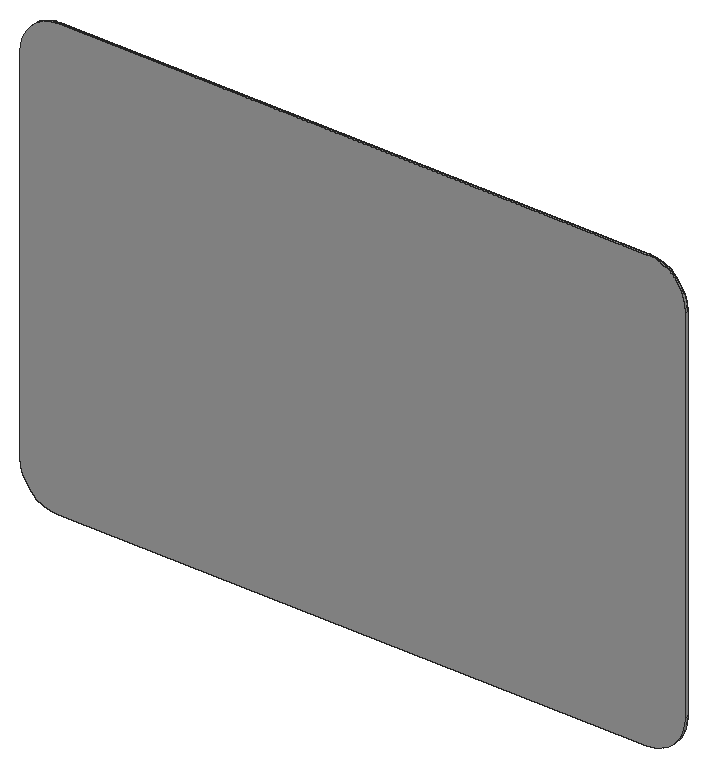
Revit family "41636", category Generic Models, Revit 2017
Family settings
  Can host rebar = No
  Round Connector Dimension = Use Diameter
  Part Type = Normal
  Work Plane-Based = No
  Always vertical = Yes
  Cut with Voids When Loaded = No
  Shared = No
  Room Calculation Point = No
Parameters
  Steel = Default
  Glass = Default
Reference planes
  plane 1 "Center (Front/Back)": y = 0
  plane 2: z = 0
  plane 3 "Center (Left/Right)": x = 0
  plane 4: y = 4
  plane 5: y = 4.3
Forms (mm)
  Extrusion 1, solid, material "Default" <- "Glass"
    sketch origin (-172.671, 4, 1200) x (-1, 0, 0) y (0, 0, 1)
      loop
        arc (480.903, -208.779) -> (-172.671, -195.103) -> (-826.245, -208.779) r 15624.517
        arc (-826.245, -208.779) -> (-887.048, -233.964) -> (-912.233, -294.767) r 85.989
        arc (-912.233, -294.767) -> (-922.283, -697.552) -> (-912.233, -1100.336) r 8076.796
        arc (-912.233, -1100.336) -> (-887.048, -1161.139) -> (-826.245, -1186.325) r 85.989
        arc (-826.245, -1186.325) -> (-172.671, -1200) -> (480.903, -1186.325) r 15624.517
        arc (480.903, -1186.325) -> (541.709, -1161.138) -> (566.895, -1100.332) r 85.992
        arc (566.895, -1100.332) -> (577.044, -697.552) -> (566.895, -294.771) r 7997.568
        arc (566.895, -294.771) -> (541.709, -233.965) -> (480.903, -208.779) r 85.992
    from -4 to 0
  Extrusion 2, solid, material "Default" <- "Steel"
    sketch origin (-172.671, 4, 1200) x (-1, 0, 0) y (0, 0, 1)
      loop
        arc (566.895, -294.771) -> (541.709, -233.965) -> (480.903, -208.779) r 85.992
        arc (480.903, -208.779) -> (-172.671, -195.103) -> (-826.245, -208.779) r 15624.517
        arc (-826.245, -208.779) -> (-887.048, -233.964) -> (-912.233, -294.767) r 85.989
        arc (-912.233, -294.767) -> (-922.283, -697.552) -> (-912.233, -1100.336) r 8076.796
        arc (-912.233, -1100.336) -> (-887.048, -1161.139) -> (-826.245, -1186.325) r 85.989
        arc (-826.245, -1186.325) -> (-172.671, -1200) -> (480.903, -1186.325) r 15624.517
        arc (480.903, -1186.325) -> (541.709, -1161.138) -> (566.895, -1100.332) r 85.992
        arc (566.895, -1100.332) -> (577.044, -697.552) -> (566.895, -294.771) r 7997.568
    from 0 to 0.3
Dimensions and locks
  aligned and locked: level to plane 2
